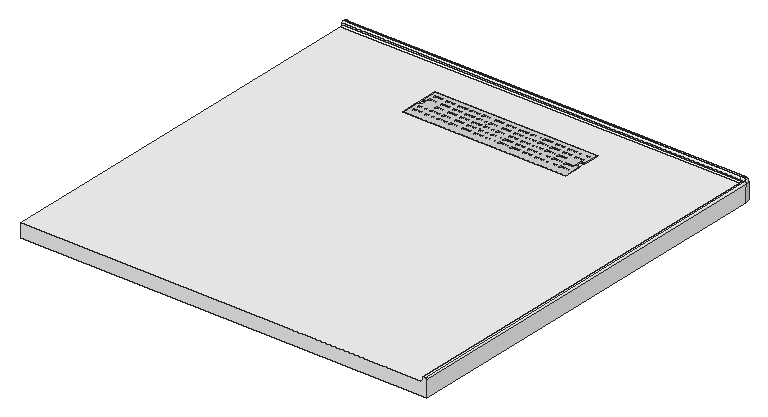
Revit family "Reece_Shower_Posh_Domaine MK2_Shower Base", category Plumbing Fixtures, Revit 2018
Family settings
  Round Connector Dimension = Use Diameter
  Part Type = Normal
  Work Plane-Based = Yes
  Always vertical = Yes
  Cut with Voids When Loaded = Yes
  Shared = Yes
  Room Calculation Point = Yes
Parameters (values of type "1000 mm x 1000 mm_Left Hand Entry_Polymarble_Centre Rear_White")
  URL = "https://www.reece.com.au/product/-2350231"
  Type Comments = "Shower"
  Reece_Waste_Outlet = 90 mm  # constant formula
  Reece_Visibility_Right Hand Opening = not(Reece_Visibility_Left Hand Opening)  # no
  Reece_Visibility_Left Hand Opening = yes
  Reece_Product_Web Page = "https://www.reece.com.au/product/-2350231"
  Reece_Product_Type = "Shower"  # constant formula
  Reece_Product_Sub Brand = "Domaine MK2"  # constant formula
  Reece_Product_Number = "2350231"
  Reece_Product_Mount = "Floor Mounted"
  Reece_Product_Description = "Posh Domaine MK2 Polymarble Shower Base 1000x1000 Left Hand Entry"
  Reece_Product_Brand = "Posh"  # constant formula
  Reece_Overall_Width = 1000 mm
  Reece_Overall_Height = 43 mm  # constant formula
  Reece_Overall_Depth = 1000 mm
  Reece_Material_Main = Reece_Brass_Chrome
  Reece_Material_Base = Reece_Polymarble_White
  Reece_Detail_Function = "Left Hand Entry"
  Reece_Detail_Disclaimer = "THIS FILE IS THE PROPERTY OF THE REECE GROUP. IT MAY NOT BE REPRODUCED, REVERSE-ENGINEERED OR MODIFIED. ANY REPUBLICATION, TRANSMISSION OR DISTRIBUTION FOR THE PURPOSE OF COMMERCIALLY EXPLOITING THE FILES IS PROHIBITED."  # constant formula
  Reece_Detail_Additional = "Shower System"  # constant formula
  Model = "Domaine MK2"
  Manufacturer = "Posh"
  Keynote = "Product #2350231, Reece_Shower_Posh_Domaine MK2_Shower Base - 1000 mm x 1000 mm_Left Hand Entry_Polymarble_Centre Rear_White"
  Disclaimer = "THIS FILE IS THE PROPERTY OF THE REECE GROUP. IT MAY NOT BE REPRODUCED, REVERSE-ENGINEERED OR MODIFIED. ANY REPUBLICATION, TRANSMISSION OR DISTRIBUTION FOR THE PURPOSE OF COMMERCIALLY EXPLOITING THE FILES IS PROHIBITED."  # constant formula
  Description = "Posh Domaine MK2 Polymarble Shower Base 1000x1000 Left Hand Entry"
  Default Elevation = 0 mm
Types (7, lengths in mm): name | URL | Reece_Visibility_Right Hand Opening | Reece_Visibility_Left Hand Opening | Reece_Product_Web Page | Reece_Product_Number | Reece_Product_Description | Reece_Overall_Width | Reece_Overall_Depth | Reece_Detail_Function | Keynote | Description
  (no name) | "https://www.reece.com.au/product/-2350231" | no | yes | "https://www.reece.com.au/product/-2350231" | "2350231" | "Posh Domaine MK2 Polymarble Shower Base 1000x1000 Left Hand Entry" | 1000 | 1000 | "Left Hand Entry" | "Product #2350231, Reece_Shower_Posh_Domaine MK2_Shower Base -  " | "Posh Domaine MK2 Polymarble Shower Base 1000x1000 Left Hand Entry"
  900 mm x 900 mm_Left Hand Entry_Polymarble_Centre Rear_White | "https://www.reece.com.au/product/-2350229" | no | yes | "https://www.reece.com.au/product/-2350229" | "2350229" | "Posh Domaine MK2 Polymarble Shower Base 900mm x 900mm Left Hand Entry" | 900 | 900 | "Left Hand Entry" | "Product #2350229, Reece_Shower_Posh_Domaine MK2_Shower Base - 900 mm x 900 mm_Left Hand Entry_Polymarble_Centre Rear_White" | "Posh Domaine MK2 Polymarble Shower Base 900mm x 900mm Left Hand Entry"
  900 mm x 900 mm_Right Hand Entry_Polymarble_Centre Rear_White | "https://www.reece.com.au/product/-2350230" | yes | no | "https://www.reece.com.au/product/-2350230" | "2350230" | "Posh Domaine MK2 Polymarble Shower Base 900x900 Right Hand Entry" | 900 | 900 | "Right Hand Entry" | "Product #2350230, Reece_Shower_Posh_Domaine MK2_Shower Base - 900 mm x 900 mm_Right Hand Entry_Polymarble_Centre Rear_White" | "Posh Domaine MK2 Polymarble Shower Base 900x900 Right Hand Entry"
  1000 mm x 1000 mm_Left Hand Entry_Polymarble_Centre Rear_White | "https://www.reece.com.au/product/-2350231" | no | yes | "https://www.reece.com.au/product/-2350231" | "2350231" | "Posh Domaine MK2 Polymarble Shower Base 1000x1000 Left Hand Entry" | 1000 | 1000 | "Left Hand Entry" | "Product #2350231, Reece_Shower_Posh_Domaine MK2_Shower Base - 1000 mm x 1000 mm_Left Hand Entry_Polymarble_Centre Rear_White" | "Posh Domaine MK2 Polymarble Shower Base 1000x1000 Left Hand Entry"
  1000 mm x 1000 mm_Right Hand Entry_Polymarble_Centre Rear_White | "https://www.reece.com.au/product/-2350232" | yes | no | "https://www.reece.com.au/product/-2350232" | "2350232" | "Posh Domaine MK2 Polymarble Shower Base 1000x1000 Right Hand Entry" | 1000 | 1000 | "Right Hand Entry" | "Product #2350232, Reece_Shower_Posh_Domaine MK2_Shower Base - 1000 mm x 1000 mm_Right Hand Entry_Polymarble_Centre Rear_White" | "Posh Domaine MK2 Polymarble Shower Base 1000x1000 Right Hand Entry"
  1200 mm x 900 mm_Left Hand Entry_Polymarble_Centre Rear_White | "https://www.reece.com.au/product/-2350233" | no | yes | "https://www.reece.com.au/product/-2350233" | "2350233" | "Posh Domaine MK2 Polymarble Shower Base 1200x900 Left Hand Entry" | 1200 | 900 | "Left Hand Entry" | "Product #2350233, Reece_Shower_Posh_Domaine MK2_Shower Base - 1200 mm x 900 mm_Left Hand Entry_Polymarble_Centre Rear_White" | "Posh Domaine MK2 Polymarble Shower Base 1200x900 Left Hand Entry"
  1200 mm x 900 mm_Right Hand Entry_Polymarble_Centre Rear_White | "https://www.reece.com.au/product/-2350234" | yes | no | "https://www.reece.com.au/product/-2350234" | "2350234" | "Posh Domaine MK2 Polymarble Shower Base 1200x900 Right Hand Entry" | 1200 | 900 | "Right Hand Entry" | "Product #2350234, Reece_Shower_Posh_Domaine MK2_Shower Base - 1200 mm x 900 mm_Right Hand Entry_Polymarble_Centre Rear_White" | "Posh Domaine MK2 Polymarble Shower Base 1200x900 Right Hand Entry"
Reference planes
  plane 1 "Center (Front/Back)": y = 0
  plane 2 "Height From Floor": z = 0
  plane 3 "Center (Left/Right)": x = 0
  plane 4: x = 500
  plane 5: x = -500
  plane 6: z = 33
  plane 7: y = 500
  plane 8: y = -500
  plane 9: z = 43
  plane 10: y = 300
  plane 11: x = 200
  plane 12: x = -200
  plane 13: y = 350
  plane 14: y = 400
Lines and regions (mm)
  model lines, style "InvisibleLines"
    curve 1: line (0, 0, -5) -> (0, 0, 0)
Text (mm)
  text "Reece ©" at (3168.905, -2435.831, 2412.076), in view "Reece Preview"
  text "Reece ©" at (695.792, -662.764, -1020.679), in view "Ref. Level"
Dimensions and locks
  "Reece_Overall_Width": plane 5 to plane 4
  equal spacing: plane 5, plane 3 "Center (Left/Right)", plane 4
  "Reece_Overall_Depth": plane 8 to plane 7
  equal spacing: plane 8, plane 1 "Center (Front/Back)", plane 7
  plane 6 to plane 2 "Height From Floor" = 33 mm  (x2)
  "Reece_Overall_Height": plane 9 to plane 2 "Height From Floor"
  "Reece_Overall_Height": plane 9 to nested 2
  plane 10 to plane 7 = 200 mm
  plane 13 to plane 7 = 150 mm
  plane 12 to plane 11 = 400 mm
  plane 10 to plane 14 = 100 mm
  aligned and locked: plane 3 "Center (Left/Right)" to nested 1
  aligned and locked: plane 1 "Center (Front/Back)" to nested 1
  aligned and locked: plane 3 "Center (Left/Right)" to nested 2
  aligned and locked: nested 2 to plane 1 "Center (Front/Back)"
Automatic sketch dimensions
  curve 1 to level = 0 mm
  curve 1 to plane 3 "Center (Left/Right)" = 0 mm
  curve 1 to level = 5 mm
Nested families
  nested 1: "Reece_Shower_Posh_Domaine MK2_Shower Base_Nested" at (0, 0, 0), Reece_Material_Main <- "Reece_Material_Main", Reece_Overall_Depth <- "Reece_Overall_Depth", Reece_Overall_Width <- "Reece_Overall_Width", Reece_Material_Base <- "Reece_Material_Base", visible <- "Reece_Visibility_Left Hand Opening", type "Polymarble"
    with Reece_Overall_Width 1000 mm, Reece_Overall_Depth 1000 mm, Reece_Material_Main Reece_Brass_Chrome, Reece_Material_Base Reece_Polymarble_White
  nested 2: "Reece_Shower_Posh_Domaine MK2_Shower Base_Nested" at (0, 0, 0) x (-1, 0, 0) z (0, 0, 1), Reece_Material_Main <- "Reece_Material_Main", Reece_Overall_Depth <- "Reece_Overall_Depth", Reece_Overall_Width <- "Reece_Overall_Width", Reece_Material_Base <- "Reece_Material_Base", visible <- "Reece_Visibility_Right Hand Opening", type "Polymarble"
    with Reece_Overall_Width 1000 mm, Reece_Overall_Depth 1000 mm, Reece_Material_Main Reece_Brass_Chrome, Reece_Material_Base Reece_Polymarble_White
Connectors
  piping at (0, 352, 0), diameter 90, driven by "Reece_Waste_Outlet"
    settings: on nested 1, index 1, connector inside diameter 609.6 mm, connector length 0 mm, flow factor 0, pipe flow 0.0 L/s, pressure drop 0.0 Pa, fitting loss kfactor 0, connector angle 0.00°, fixture units 0, engagement length 0 mm, angle of deflection 0.00°, flow configuration 0, flow direction 2, fitting loss method 0, system type 16, joint type 0, gender type 0, connector reference index -1, connector utility 0, adjustable connector no, is connector primary yes, connector description ""
Definition of nested family "Reece_Shower_Posh_Domaine MK2_Shower Base_Nested"
  Parameters (values of type "Polymarble")
    Waste Connection = no
    WFU = 0
    Vent Connection = no
    URL = ""
    Type Comments = ""
    Reece_Overall_Width [instance] = 900 mm
    Reece_Overall_Depth [instance] = 900 mm
    Reece_Material_Main [instance] = none
    Reece_Material_Base [instance] = none
    Model = ""
    Manufacturer = ""
    Keynote = ""
    HWFU = 0
    HW Connection = no
    Description = ""
    Default Elevation = 0 mm
    Cost = 0
    CWFU = 0
    CW Connection = no
    Assembly Code = ""
  Reference planes
    plane 1 "Center (Front/Back)": y = 0
    plane 2: z = 0
    plane 3 "Center (Left/Right)": x = 0
    plane 4: x = -450
    plane 5: x = 450
    plane 6: y = -450
    plane 7: y = 450
    plane 8: y = 350
    plane 9: y = 250
    plane 10: y = 300
    plane 11: x = -200
    plane 12: x = 200
  Forms (mm)
    Extrusion 1, solid
      sketch origin (619.2, 470, 0) x (1, 0, 0) y (0, 1, 0)
        loop
          line (-1219.2, 130) -> (-1219.2, -1070) -> (-19.2, -1070) -> (-19.2, 130) -> (-1219.2, 130)
      from 0 to -35.776
    Sweep 2, solid, material <- "Reece_Material_Base"
      path origin (0, 0, 0) x (-1, 0, 0) y (0, -1, 0)
        loop
          line (-450, 450) -> (-450, -430)
          arc (-450, -430) -> (-444.142, -444.142) -> (-430, -450) r 20
          line (-430, -450) -> (450, -450)
      profile origin (450, -10, 0) x (-1, 0, 0) y (0, 0, 1)
        loop
          line (0, 0) -> (14.6, 0) -> (14.6, 33)
          arc (14.6, 33) -> (12.054, 34.054) -> (11, 36.6) r 3.6
          line (11, 36.6) -> (11, 39.4)
          arc (11, 39.4) -> (9.946, 41.946) -> (7.4, 43) r 3.6
          line (7.4, 43) -> (3.6, 43)
          arc (3.6, 43) -> (1.054, 41.946) -> (0, 39.4) r 3.6
          line (0, 39.4) -> (0, 0)
    Extrusion 3, solid, material <- "Reece_Material_Base"
      sketch origin (0, -450, 0) x (-1, 0, 0) y (0, -1, 0)
        loop
          line (-435.4, 0) -> (-435.4, -880)
          arc (-435.4, -880) -> (-433.818, -883.818) -> (-430, -885.4) r 5.4
          line (-430, -885.4) -> (450, -885.4) -> (450, 0) -> (-435.4, 0)
        loop
          circle (0, -752) r 45
      from 0 to 33
    Extrusion 4, solid, material <- "Reece_Material_Main"
      sketch origin (0, 0, 0) x (1, 0, 0) y (0, 1, 0)
        loop
          line (-200, 250) -> (200, 250) -> (200, 293)
          arc (200, 293) -> (199.707, 293.707) -> (199, 294) r 1
          line (199, 294) -> (191.5, 294)
          arc (191.5, 294) -> (190.793, 294.293) -> (190.5, 295) r 1
          line (190.5, 295) -> (190.5, 309)
          arc (190.5, 309) -> (190.793, 309.707) -> (191.5, 310) r 1
          line (191.5, 310) -> (199, 310)
          arc (199, 310) -> (199.707, 310.293) -> (200, 311) r 1
          line (200, 311) -> (200, 350) -> (-200, 350) -> (-200, 311)
          arc (-200, 311) -> (-199.707, 310.293) -> (-199, 310) r 1
          line (-199, 310) -> (-191.5, 310)
          arc (-191.5, 310) -> (-190.793, 309.707) -> (-190.5, 309) r 1
          line (-190.5, 309) -> (-190.5, 295)
          arc (-190.5, 295) -> (-190.793, 294.293) -> (-191.5, 294) r 1
          line (-191.5, 294) -> (-199, 294)
          arc (-199, 294) -> (-199.707, 293.707) -> (-200, 293) r 1
          line (-200, 293) -> (-200, 250)
        loop
          line (-10, 268) -> (10, 268) -> (10, 272) -> (-10, 272) -> (-10, 268)
        loop
          line (-10, 332) -> (10, 332) -> (10, 336) -> (-10, 336) -> (-10, 332)
        loop
          line (-10, 316) -> (10, 316) -> (10, 320) -> (-10, 320) -> (-10, 316)
        loop
          line (-10, 284) -> (10, 284) -> (10, 288) -> (-10, 288) -> (-10, 284)
        loop
          line (-10, 300) -> (10, 300) -> (10, 304) -> (-10, 304) -> (-10, 300)
        loop
          line (-40, 268) -> (-20, 268) -> (-20, 272) -> (-40, 272) -> (-40, 268)
        loop
          line (-40, 332) -> (-20, 332) -> (-20, 336) -> (-40, 336) -> (-40, 332)
        loop
          line (-40, 316) -> (-20, 316) -> (-20, 320) -> (-40, 320) -> (-40, 316)
        loop
          line (-40, 284) -> (-20, 284) -> (-20, 288) -> (-40, 288) -> (-40, 284)
        loop
          line (-40, 300) -> (-20, 300) -> (-20, 304) -> (-40, 304) -> (-40, 300)
        loop
          line (40, 268) -> (40, 272) -> (20, 272) -> (20, 268) -> (40, 268)
        loop
          line (40, 332) -> (40, 336) -> (20, 336) -> (20, 332) -> (40, 332)
        loop
          line (40, 316) -> (40, 320) -> (20, 320) -> (20, 316) -> (40, 316)
        loop
          line (40, 284) -> (40, 288) -> (20, 288) -> (20, 284) -> (40, 284)
        loop
          line (40, 300) -> (40, 304) -> (20, 304) -> (20, 300) -> (40, 300)
        loop
          line (70, 268) -> (70, 272) -> (50, 272) -> (50, 268) -> (70, 268)
        loop
          line (70, 332) -> (70, 336) -> (50, 336) -> (50, 332) -> (70, 332)
        loop
          line (70, 316) -> (70, 320) -> (50, 320) -> (50, 316) -> (70, 316)
        loop
          line (70, 284) -> (70, 288) -> (50, 288) -> (50, 284) -> (70, 284)
        loop
          line (70, 300) -> (70, 304) -> (50, 304) -> (50, 300) -> (70, 300)
        loop
          line (100, 268) -> (100, 272) -> (80, 272) -> (80, 268) -> (100, 268)
        loop
          line (100, 332) -> (100, 336) -> (80, 336) -> (80, 332) -> (100, 332)
        loop
          line (100, 316) -> (100, 320) -> (80, 320) -> (80, 316) -> (100, 316)
        loop
          line (100, 284) -> (100, 288) -> (80, 288) -> (80, 284) -> (100, 284)
        loop
          line (100, 300) -> (100, 304) -> (80, 304) -> (80, 300) -> (100, 300)
        loop
          line (130, 268) -> (130, 272) -> (110, 272) -> (110, 268) -> (130, 268)
        loop
          line (130, 332) -> (130, 336) -> (110, 336) -> (110, 332) -> (130, 332)
        loop
          line (130, 316) -> (130, 320) -> (110, 320) -> (110, 316) -> (130, 316)
        loop
          line (130, 284) -> (130, 288) -> (110, 288) -> (110, 284) -> (130, 284)
        loop
          line (130, 300) -> (130, 304) -> (110, 304) -> (110, 300) -> (130, 300)
        loop
          line (160, 268) -> (160, 272) -> (140, 272) -> (140, 268) -> (160, 268)
        loop
          line (160, 332) -> (160, 336) -> (140, 336) -> (140, 332) -> (160, 332)
        loop
          line (160, 316) -> (160, 320) -> (140, 320) -> (140, 316) -> (160, 316)
        loop
          line (160, 284) -> (160, 288) -> (140, 288) -> (140, 284) -> (160, 284)
        loop
          line (160, 300) -> (160, 304) -> (140, 304) -> (140, 300) -> (160, 300)
        loop
          line (190, 268) -> (190, 272) -> (170, 272) -> (170, 268) -> (190, 268)
        loop
          line (190, 332) -> (190, 336) -> (170, 336) -> (170, 332) -> (190, 332)
        loop
          line (190, 316) -> (190, 320) -> (170, 320) -> (170, 316) -> (190, 316)
        loop
          line (190, 284) -> (190, 288) -> (170, 288) -> (170, 284) -> (190, 284)
        loop
          line (-70, 268) -> (-50, 268) -> (-50, 272) -> (-70, 272) -> (-70, 268)
        loop
          line (-70, 332) -> (-50, 332) -> (-50, 336) -> (-70, 336) -> (-70, 332)
        loop
          line (-70, 316) -> (-50, 316) -> (-50, 320) -> (-70, 320) -> (-70, 316)
        loop
          line (-70, 284) -> (-50, 284) -> (-50, 288) -> (-70, 288) -> (-70, 284)
        loop
          line (-70, 300) -> (-50, 300) -> (-50, 304) -> (-70, 304) -> (-70, 300)
        loop
          line (-100, 268) -> (-80, 268) -> (-80, 272) -> (-100, 272) -> (-100, 268)
        loop
          line (-100, 332) -> (-80, 332) -> (-80, 336) -> (-100, 336) -> (-100, 332)
        loop
          line (-100, 316) -> (-80, 316) -> (-80, 320) -> (-100, 320) -> (-100, 316)
        loop
          line (-100, 284) -> (-80, 284) -> (-80, 288) -> (-100, 288) -> (-100, 284)
        loop
          line (-100, 300) -> (-80, 300) -> (-80, 304) -> (-100, 304) -> (-100, 300)
        loop
          line (-130, 268) -> (-110, 268) -> (-110, 272) -> (-130, 272) -> (-130, 268)
        loop
          line (-130, 332) -> (-110, 332) -> (-110, 336) -> (-130, 336) -> (-130, 332)
        loop
          line (-130, 316) -> (-110, 316) -> (-110, 320) -> (-130, 320) -> (-130, 316)
        loop
          line (-130, 284) -> (-110, 284) -> (-110, 288) -> (-130, 288) -> (-130, 284)
        loop
          line (-130, 300) -> (-110, 300) -> (-110, 304) -> (-130, 304) -> (-130, 300)
        loop
          line (-160, 268) -> (-140, 268) -> (-140, 272) -> (-160, 272) -> (-160, 268)
        loop
          line (-160, 332) -> (-140, 332) -> (-140, 336) -> (-160, 336) -> (-160, 332)
        loop
          line (-160, 316) -> (-140, 316) -> (-140, 320) -> (-160, 320) -> (-160, 316)
        loop
          line (-160, 284) -> (-140, 284) -> (-140, 288) -> (-160, 288) -> (-160, 284)
        loop
          line (-160, 300) -> (-140, 300) -> (-140, 304) -> (-160, 304) -> (-160, 300)
        loop
          line (-190, 268) -> (-170, 268) -> (-170, 272) -> (-190, 272) -> (-190, 268)
        loop
          line (-190, 332) -> (-170, 332) -> (-170, 336) -> (-190, 336) -> (-190, 332)
        loop
          line (-190, 316) -> (-170, 316) -> (-170, 320) -> (-190, 320) -> (-190, 316)
        loop
          line (-190, 284) -> (-170, 284) -> (-170, 288) -> (-190, 288) -> (-190, 284)
      from 31 to 33
    Extrusion 5, void
      sketch origin (0, 0, 0) x (1, 0, 0) y (0, 1, 0)
        loop
          line (-200, 350) -> (-200, 250) -> (200, 250) -> (200, 350) -> (-200, 350)
      from 31 to 33
  Cuts and joins
    Extrusion 5 cuts Sweep 2
    Extrusion 5 cuts Extrusion 3
    joined: Sweep 2, Extrusion 3
  Lines and regions (mm)
    model lines
      curve 1: line (-403, 403, 33) -> (403, 403, 33)
      curve 2: line (403, -403, 33) -> (-403, -403, 33)
      curve 3: line (403, 403, 33) -> (403, -403, 33)
      curve 4: line (-403, -403, 33) -> (-403, 403, 33)
  Text (mm)
    text "Reece Copyright © 2018, Reece Ltd." at (548.593, -677.235, 0), in view "Ref. Level"
    text "Reece ©" at (651.51, -88.566, -141.437), in view "Reece_Preview"
  Dimensions and locks
    locked: Extrusion 3 sketch curve to plane 5 at 14.6
    "Reece_Overall_Width": plane 4 to plane 5
    equal spacing: plane 4, plane 3 "Center (Left/Right)", plane 5
    "Reece_Overall_Depth": plane 7 to plane 6
    equal spacing: plane 7, plane 1 "Center (Front/Back)", plane 6
    locked: Extrusion 3 sketch curve to plane 7 at 14.6
    locked: plane 7 to Extrusion 3 sketch curve at 148
    locked: curve 1 to plane 7 at 47
    locked: curve 3 to plane 5 at 47
    locked: plane 4 to curve 4 at 47
    locked: curve 2 to plane 6 at 47
    equal spacing: plane 11, plane 3 "Center (Left/Right)", plane 12
    locked: plane 7 to cut or joined group of Sweep 2, Extrusion 3, Extrusion 5 at 100
    locked: plane 7 to cut or joined group of Sweep 2, Extrusion 3, Extrusion 5 at 200
    locked: plane 7 to plane 10 at 150
    aligned and locked: Extrusion 1 to plane 2
    aligned and locked: Extrusion 1 to level
    aligned and locked: plane 4 to cut or joined group of Sweep 2, Extrusion 3, Extrusion 5
    aligned and locked: Sweep 2 sketch curve to plane 5
    aligned and locked: plane 6 to cut or joined group of Sweep 2, Extrusion 3, Extrusion 5
    aligned and locked: plane 6 to Sweep 2 sketch curve
    aligned and locked: plane 4 to Sweep 2 sketch curve
    aligned and locked: plane 7 to Sweep 2 sketch curve
    aligned and locked: cut or joined group of Sweep 2, Extrusion 3, Extrusion 5 to Extrusion 4
  Automatic sketch dimensions
    Extrusion 1 sketch curve to Extrusion 1 sketch curve = 1200 mm  (x2)
    Sweep 2 sketch curve to Sweep 2 sketch curve = 20 mm
    Sweep 2 sketch curve to profile plane = 0 mm
    Sweep 2 sketch curve to level = 0 mm
    Sweep 2 sketch curve to Sweep 2 sketch curve = 3.6 mm  (x2)
    Sweep 2 sketch curve to Sweep 2 sketch curve = 3.8 mm
    Sweep 2 sketch curve to Sweep 2 sketch curve = 14.6 mm
    Sweep 2 sketch curve to Sweep 2 sketch curve = 33 mm
    Sweep 2 sketch curve to Sweep 2 sketch curve = 2.8 mm
    Extrusion 3 sketch curve to plane 3 "Center (Left/Right)" = 0 mm
    Extrusion 3 sketch curve to plane 4 = 0 mm
    plane 6 to Extrusion 3 sketch curve = 0 mm
    Extrusion 3 sketch curve to Extrusion 3 sketch curve = 5.4 mm
    Extrusion 4 sketch curve to plane 3 "Center (Left/Right)" = 200 mm
    Extrusion 4 sketch curve to Extrusion 4 sketch curve = 0 mm  (x67)
    Extrusion 4 sketch curve to Extrusion 4 sketch curve = 1 mm  (x7)
    Extrusion 4 sketch curve to Extrusion 4 sketch curve = 9 mm  (x2)
    Extrusion 4 sketch curve to Extrusion 4 sketch curve = 10 mm  (x60)
    Extrusion 4 sketch curve to Extrusion 4 sketch curve = 1.5 mm  (x4)
    Extrusion 4 sketch curve to Extrusion 4 sketch curve = 20 mm  (x23)
    plane 3 "Center (Left/Right)" to Extrusion 4 sketch curve = 10 mm  (x5)
    Extrusion 4 sketch curve to Extrusion 4 sketch curve = 20.5 mm
    Extrusion 4 sketch curve to Extrusion 4 sketch curve = 7.5 mm  (x2)
    Extrusion 4 sketch curve to plane 7 = 200 mm
    Extrusion 4 sketch curve to Extrusion 4 sketch curve = 18 mm  (x3)
    Extrusion 4 sketch curve to Extrusion 4 sketch curve = 4 mm  (x63)
    Extrusion 4 sketch curve to Extrusion 4 sketch curve = 12 mm  (x27)
    Extrusion 4 sketch curve to Extrusion 4 sketch curve = 5 mm  (x2)
    Extrusion 4 sketch curve to Extrusion 4 sketch curve = 14 mm  (x3)
    Extrusion 4 sketch curve to Extrusion 4 sketch curve = 6 mm
    Extrusion 5 sketch curve to plane 9 = 0 mm
    Extrusion 5 sketch curve to plane 11 = 0 mm
    Extrusion 5 sketch curve to plane 8 = 0 mm
    Extrusion 5 sketch curve to plane 12 = 0 mm
    radius of Extrusion 3 sketch curve = 45 mm
